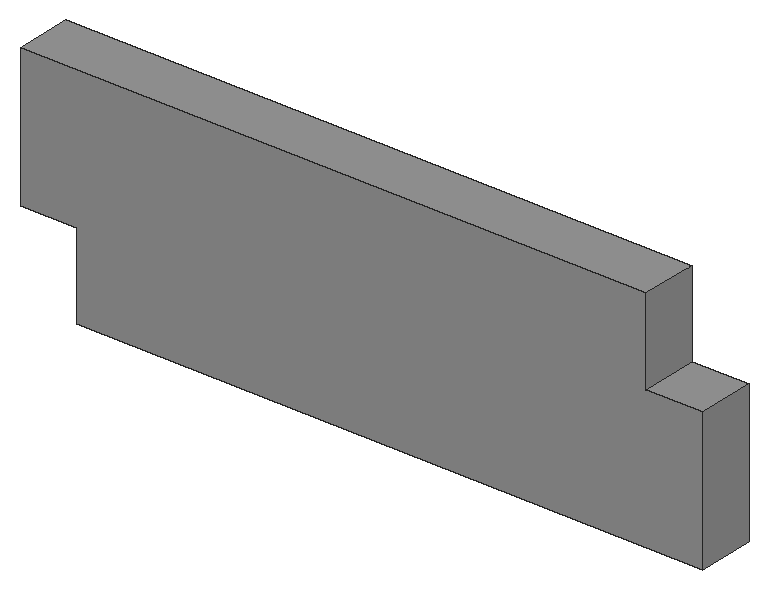
Revit family "1. Infercoa_StraightP_EN", category Modelos genéricos, Revit 2017
Family settings
  Anfitrión = Muro
  Puede alojar armadura = No
  Cota de conector redondo = Diámetro de uso
  Tipo de pieza = Normal
  Siempre vertical = Sí
  Corte con vacíos al cargar = No
  Compartido = No
  Punto de cálculo de habitación = No
Parameters (values of type "Stonepanel® Infercoa")
  Stonepanel advantages = "More Efficient: Simple and quick installation: 10 times faster than traditional masonry (placing rate average 20m2/day). More profitable: virtually non-existent product waste. Natural Stone products are more durable than other cladding materials. Stonepanel™ installation requires no skilled labour or machinery.\r\nSafer: The incorporated mechanical anchor of Stonepanel™, made of stainless steel, enables the installation of natural stone panel on surfaces higher than two meters. Strong and uniform cement base ensures adherence and allows piece cutting without risk of detachment.\r\nHigh Quality: Manufacturing processes are continually monitored by the R&D Department of CUPAGROUP. A great selection of natural stone is done by the experts of CUPASTONE. Special pieces are available, such as corners (solid, straight end, double end or for windows), coverings and other complementary solutions.\r\nMore Aesthetic: ‘S’-shaped panels to avoid visible joints, in order to enhance the external look of any projet. A wide range of natural stone panels with different colours and finishes is available. Beauty and exclusiveness of the natural stone: each piece is unique."
  Uses Indicated = "Decorative cladding system suitable for indoor and outdoor use on new or existing buildings when attached to solid walls of masonry or concrete.\r\nStonepanel Sky can be installed at any height. Stonepanel can be installed at heights up to 2 metres.\r\nStonepanel Sky can be installed at any height. Stonepanel can be installed at heights up to 2 metres."
  URL = "http://www.cupastone.com/cupa/productos/panel-de-piedra/?n=stonepanel-orient-oro"
  Fire resistance = "A1 incombustible"
  Durability = "The system has a design life in excess of 30 years, according to BBA certificate."
  Delivery form = "Panels are packed in plastic in pairs."
  Construction details = "Details of:\r\n- Installation with a metal profile\r\n- Installation of Stonepanel\r\n- Installation on interior wall\r\n- Installation of the safety element (perforated band, screws and wall plugs)\r\n- Incoming corner\r\n- Protruding corner\r\n- Prefabricated protruding corner\r\n- Protruding corner with sawn panels\r\n- Protruding corner without Stonepanel continuity (lateral façade)\r\n- Upper edges\r\n- Avobe parapet\r\n- Frame of vain"
  Resistance = "High resistance"
  Weight = "8.75 kg"
  Oxidation = "Natural oxidation"
  Other relevant info = "All panels installed above 2 m from the ground must be fixed with both mortar adhesive and mechanical fixings"
  Modelo = "Stonepanel® Infercoa"
  Material = "Dark-toned, natural slate extracted directly from our quarry in Portugal. Rustic and natural in appearance, the panels are characterized by its rough texture. Natural oxidation.\r\ncreates an elegant and bright look for modern and rustic projects."
  Cleaning = "Generally the panels do not require any maintenance and are self-cleaning but removal of some types of mark may require specialist treatment.\r\nFor abnormal soiling, the surface may be cleaned using a hot water/household detergent mixture, applied with a suitable cleaning pad or sponge.\r\nFor abnormal soiling, the surface may be cleaned using a hot water/household detergent mixture, applied\r\nwith a suitable cleaning pad or sponge."
  Large = 600 mm
  Impact = "It can be used in areas categorised as A to F"
  Imagen de tipo = <Ninguno>
  Format = "600 x 200"
  Form = "“S”-shaped"
  Fabricante = "Cupastone"
  Anchor system = "Perforated steel banding:\r\n- Stainless steel grade AISI 316 (1.4401) or AISI 304 (1.4301) with a minimum thickness of 0.7 mm and width of 12 mm to 15 mm, with holes 6±1 mm in diameter.\r\n- Stainless steel grade AISI 304 (1.4301) with a minimum thickness of 0.8 mm and width of 10±1 mm, with holes 5±1 mm in diameter.\r\n- The steel banding has five holes on each of the two wings, which are aligned in order to fix a screw through both holes into the wall.\r\n\r\nStainless steel screws and wall plugs:\r\nThe pull-out value of the fixings for securing Stonepanel Sky panels to the wall should be determined on site using the characteristic pull-out resistance divided by a minimum safety factor of 3."
  Tests performed by Avis Technique = "Mechanical strenth of the anchor, Resistance of the mechanical fixing, Testing of durability after water, Durability after freeze, Seismic test"
  Height offset = 0 mm
  Descripción = "Panel made of natural stones bonded to a cement base reinforced with glassfibre mesh\r\n Each panel incorporates an embedded mechanical anchor used for additional fixing system, for heights above 2 metres from the ground."
  Apparent Density = "79,5 kg/m2"
  Secondary colour = "Grey"
  Principal colour = "Black"
  Certifications = "Avis Technique - France"
  Aspect = "Rustic"
  Width = 50 mm
  Height = 200 mm
  Finish = "Natural"
  Absorption = "Low absorption"
Reference planes
  plane 1 "Muro": y = 0
  plane 2 "Centro (Izquierda/Derecha)": x = 125
  plane 3 "Posterior": y = 75
Forms (mm)
  Extrusion 1, solid, material "Stonepanel® SKY Orient Gold"
    sketch origin (0, 160, 1120) x (1, 0, 0) y (0, 0, 1)
      loop
        line (125, -1120) -> (125, -996) -> (75, -996) -> (75, -920) -> (-475, -920) -> (-475, -1044) -> (-425, -1044) -> (-425, -1120) -> (125, -1120)
    from 35 to 85
Text (mm)
  text "Cara de colocación" at (-1848.837, 1116.779, 0), in view "Nivel de referencia"
  text "Cara de colocación" at (0, 1409.804, 2854.306), in view "Izquierda"
  text "Cara de colocación" at (0, 499.811, 2980.732), in view "Derecha"
Dimensions and locks
  locked: plane 3 "Posterior" to host wall
  locked: Extrusion 1 to plane 3 "Posterior" at 0
  "Width": Extrusion 1 to Extrusion 1
  "Large": Extrusion 1 to Extrusion 1
  locked: Extrusion 1 to Extrusion 1 at 76  (x2)
  "Height offset": level to Extrusion 1
  locked: Extrusion 1 to Extrusion 1 at 50  (x2)
  "Height": Extrusion 1 to Extrusion 1
  aligned and locked: plane 1 "Muro" to host wall
Automatic sketch dimensions
  level to Extrusion 1 sketch curve = 0 mm
  Extrusion 1 sketch curve to plane 2 "Centro (Izquierda/Derecha)" = 0 mm
  Extrusion 1 sketch curve to plane 2 "Centro (Izquierda/Derecha)" = 50 mm
  Extrusion 1 sketch curve to Extrusion 1 sketch curve = 500 mm
  Extrusion 1 sketch curve to Extrusion 1 sketch curve = 50 mm
  level to Extrusion 1 sketch curve = 124 mm
  level to Extrusion 1 sketch curve = 76 mm
  Extrusion 1 sketch curve to Extrusion 1 sketch curve = 76 mm
